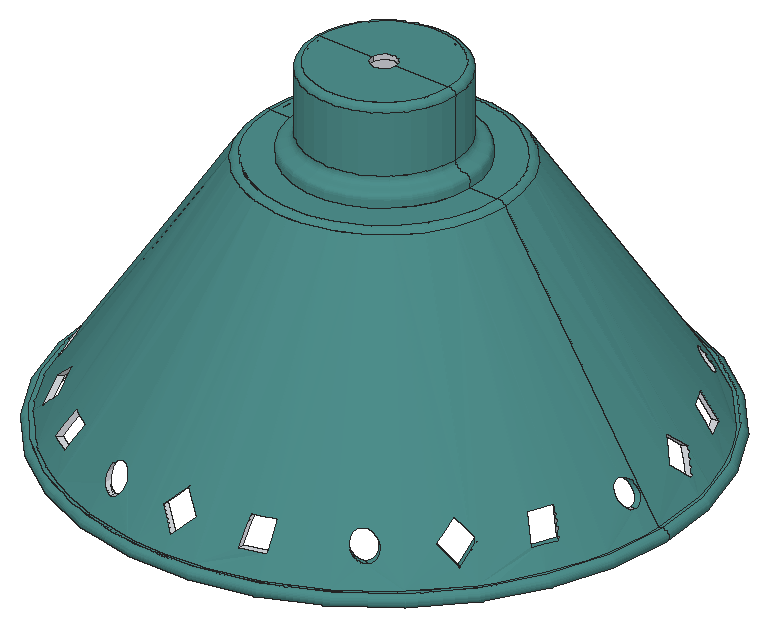
Revit family "CSP12 SHADE", category Lighting Fixtures, Revit 2024
Family settings
  Round Connector Dimension = Use Diameter
  Part Type = Normal
  OmniClass Number = 23.80.70.00
  OmniClass Title = Lighting
  Work Plane-Based = No
  Always vertical = Yes
  Cut with Voids When Loaded = No
  Light Source = Yes
  Maintain Annotation Orientation = No
  Shared = No
  Room Calculation Point = No
Parameters
  Wattage = 12.1178 W
  built-in parameter 1150110 = 1 (stored number, unit not read)
  built-in parameter 1114217 = 1 (stored number, unit not read)
  built-in parameter 1150109 = 1 (stored number, unit not read)
  built-in parameter 1150134 = (empty or 0)
  built-in parameter 1150113 = 1 (stored number, unit not read)
  Lumens = 1800 lm
  built-in parameter 1150115 = 1 (stored number, unit not read)
  built-in parameter 1150105 = 572.96 (stored number, unit not read)
  Light Source Symbol Size = 2' - 0"
  built-in parameter 1150137 = (empty or 0)
  built-in parameter 1150139 = (empty or 0)
  built-in parameter 1150112 = 1 (stored number, unit not read)
  built-in parameter 1150114 = 1 (stored number, unit not read)
  built-in parameter 1150132 = 2
  built-in parameter 1150102 = (empty or 0)
  built-in parameter 1150138 = (empty or 0)
  built-in parameter 1150107 = 3000 (stored number, unit not read)
  built-in parameter 1150106 = 5.7296 (stored number, unit not read)
  built-in parameter 1150104 = 13.8 (stored number, unit not read)
  Dimming Lamp Color Temperature Shift = (empty or 0)
  Default Elevation = 0' - 0"
  Color Filter = 16777215
  built-in parameter 1114218 = 1 (stored number, unit not read)
  built-in parameter 1150133 = 10 (stored number, unit not read)
Reference planes (in)
  plane 1 "Light Source Axis (F/B)": y = 0
  plane 2: z = 0
  plane 3 "Light Source Axis (L/R)": x = 0
  plane 4 "Light Source Elevation": z = 84
Forms (in)
  Revolve 1, solid, not visible
    sketch origin (0, 0, 0) x (1, 0, 0) y (0, 0, 1)
      loop
        line (-2.99192, 88.09279) -> (-2.89556, 88.09279) -> (-2.89556, 88.38477) -> (-2.99192, 88.38477) -> (-2.99192, 88.09279)
      axis (-2.89556, 88.09279) -> (-2.99192, 88.09279)
    angle from 0 to 360
  Sweep 2, solid, not visible
    path origin (0, 0, 0) x (1, 0, 0) y (0, 0, 1)
      loop
        arc (-2.97158, 88.08519) -> (-3.96217, 87.55604) -> (-4.35786, 86.505) r 1.59375
        line (-4.35786, 86.505) -> (-4.35786, 85.3018)
    profile origin (-3.96217, 0, 87.55604) x (0.751723, 0, -0.659479) y (0, -1, 0)
      loop
        circle (0, 0) r 0.15625
  Revolve 3, solid, not visible
    sketch origin (0, 0, 0) x (1, 0, 0) y (0, 0, 1)
      loop
        line (-4.84702, 85.01395) -> (-4.61007, 85.21882) -> (-4.67548, 85.29447) -> (-5.07238, 85.7535)
        arc (-5.07238, 85.7535) -> (-5.11657, 85.32649) -> (-4.68956, 85.2823) r 0.30356
        line (-4.68956, 85.2823) -> (-4.91791, 85.08485) -> (-4.84702, 85.01395)
      axis (-4.61007, 85.21882) -> (-5.07238, 85.7535)
    angle from 0 to 360
  Revolve 4, solid
    sketch origin (0, 0, 0) x (1, 0, 0) y (0, 0, 1)
      loop
        line (-5.752, 84.14725) -> (-2.4781, 89.10852)
        arc (-2.4781, 89.10852) -> (-2.44357, 89.14142) -> (-2.39812, 89.15589) r 0.10625
        line (-2.39812, 89.15589) -> (-1.71661, 89.15589) -> (-1.40461, 89.67943) -> (-1.40461, 90.87209)
        arc (-1.40461, 90.87209) -> (-1.39461, 90.89624) -> (-1.37045, 90.90625) r 0.03416
        line (-1.37045, 90.90625) -> (-0.25, 90.90625) -> (-0.25, 91) -> (-1.37045, 91)
        arc (-1.37045, 91) -> (-1.4609, 90.96254) -> (-1.49836, 90.87209) r 0.12791
        line (-1.49836, 90.87209) -> (-1.49836, 89.67943)
        spline (-1.49836, 89.67943) -> (-1.50644, 89.61752) -> (-1.52915, 89.57152) -> (-1.56081, 89.54096) -> (-1.59697, 89.52255) -> (-1.64035, 89.50873) -> (-1.68811, 89.49499) -> (-1.72932, 89.48149) -> (-1.76196, 89.4642) -> (-1.78764, 89.43776) -> (-1.80323, 89.4003) -> (-1.80945, 89.34902) -> (-1.81035, 89.24964)
        line (-1.81035, 89.24964) -> (-2.40136, 89.24964)
        arc (-2.40136, 89.24964) -> (-2.48942, 89.22321) -> (-2.55635, 89.16016) r 0.2
        line (-2.55635, 89.16016) -> (-5.79651, 84.25) -> (-5.875, 84.25)
        arc (-5.875, 84.25) -> (-5.95514, 84.02907) -> (-5.752, 84.14725) r 0.125
      axis (0, 91) -> (0, 84.14725)
    angle from 0 to 360
  Extrusion 5, void
    sketch origin (0, 0, 0) x (1, 0, 0) y (0, 0, 1)
      loop
        circle (-1.5, 84.875) r 0.25
      loop
        line (-0.35355, 84.875) -> (0, 84.52145) -> (0.35355, 84.875) -> (0, 85.22855) -> (-0.35355, 84.875)
      loop
        line (1.25, 85.125) -> (1.25, 84.625) -> (1.75, 84.625) -> (1.75, 85.125) -> (1.25, 85.125)
    from 0 to 12
  Extrusion 6, void
    sketch origin (0, 0, 0) x (0.62349, -0.781831, 0) y (0, 0, 1)
      loop
        circle (-1.5, 84.875) r 0.25
      loop
        line (-0.35355, 84.875) -> (0, 84.52145) -> (0.35355, 84.875) -> (0, 85.22855) -> (-0.35355, 84.875)
      loop
        line (1.25, 85.125) -> (1.25, 84.625) -> (1.75, 84.625) -> (1.75, 85.125) -> (1.25, 85.125)
    from 0 to 12
  Extrusion 7, void
    sketch origin (0, 0, 0) x (0.62349, 0.781831, 0) y (0, 0, 1)
      loop
        circle (-1.5, 84.875) r 0.25
      loop
        line (-0.35355, 84.875) -> (0, 84.52145) -> (0.35355, 84.875) -> (0, 85.22855) -> (-0.35355, 84.875)
      loop
        line (1.25, 85.125) -> (1.25, 84.625) -> (1.75, 84.625) -> (1.75, 85.125) -> (1.25, 85.125)
    from 0 to 12
  Extrusion 8, void
    sketch origin (0, 0, 0) x (-0.222521, 0.974928, 0) y (0, 0, 1)
      loop
        circle (-1.5, 84.875) r 0.25
      loop
        line (-0.35355, 84.875) -> (0, 84.52145) -> (0.35355, 84.875) -> (0, 85.22855) -> (-0.35355, 84.875)
      loop
        line (1.25, 85.125) -> (1.25, 84.625) -> (1.75, 84.625) -> (1.75, 85.125) -> (1.25, 85.125)
    from 0 to 12
  Extrusion 9, void
    sketch origin (0, 0, 0) x (-0.900969, 0.433884, 0) y (0, 0, 1)
      loop
        circle (-1.5, 84.875) r 0.25
      loop
        line (-0.35355, 84.875) -> (0, 84.52145) -> (0.35355, 84.875) -> (0, 85.22855) -> (-0.35355, 84.875)
      loop
        line (1.25, 85.125) -> (1.25, 84.625) -> (1.75, 84.625) -> (1.75, 85.125) -> (1.25, 85.125)
    from 0 to 12
  Extrusion 10, void
    sketch origin (0, 0, 0) x (-0.900969, -0.433884, 0) y (0, 0, 1)
      loop
        circle (-1.5, 84.875) r 0.25
      loop
        line (-0.35355, 84.875) -> (0, 84.52145) -> (0.35355, 84.875) -> (0, 85.22855) -> (-0.35355, 84.875)
      loop
        line (1.25, 85.125) -> (1.25, 84.625) -> (1.75, 84.625) -> (1.75, 85.125) -> (1.25, 85.125)
    from 0 to 12
  Extrusion 11, void
    sketch origin (0, 0, 0) x (-0.222521, -0.974928, 0) y (0, 0, 1)
      loop
        circle (-1.5, 84.875) r 0.25
      loop
        line (-0.35355, 84.875) -> (0, 84.52145) -> (0.35355, 84.875) -> (0, 85.22855) -> (-0.35355, 84.875)
      loop
        line (1.25, 85.125) -> (1.25, 84.625) -> (1.75, 84.625) -> (1.75, 85.125) -> (1.25, 85.125)
    from 0 to 12
Cuts and joins
  Extrusion 5, Extrusion 6, Extrusion 7, Extrusion 8, Extrusion 9, Extrusion 10, Extrusion 11 cuts Revolve 4
Dimensions and locks (in)
  aligned and locked: plane 3 "Light Source Axis (L/R)" to imposter light
  aligned and locked: plane 1 "Light Source Axis (F/B)" to imposter light
  aligned and locked: plane 4 "Light Source Elevation" to imposter light
  aligned and locked: level to plane 2
